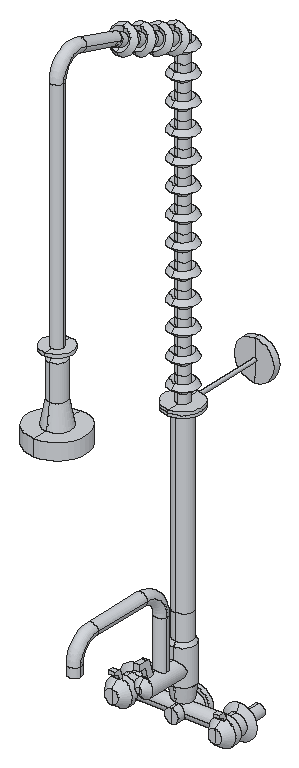
Revit family "FWS131", category Modelos genéricos, Revit 2014
Parameters
  Modelo = "FWS131"  # constant formula
  Fabricante = "Enware"  # constant formula
  Author = "Yepsketch"  # constant formula
Reference planes
  plane 1 "Centro (Frontal/Posterior)": y = 0
  plane 2: z = 0
  plane 3 "Centro (Izquierda/Derecha)": x = 0
  plane 4: y = -155
  plane 5: y = -410
  plane 6: y = -155
Forms (mm)
  Revolve 1, solid
    sketch origin (0, 0, 0) x (0, 1, 0) y (0, 0, 1)
      loop
        line (-155, 0) -> (-155, -4.258) -> (-125, -4.258) -> (-125, 0) -> (-125, 5) -> (-155, 5) -> (-155, 0)
      axis (-155, 5) -> (-155, -4.258)
    angle from 0 to 360
  Revolve 2, solid
    sketch origin (0, 0, 0) x (0, 1, 0) y (0, 0, 1)
      loop
        line (0, 0) -> (0, 32.5) -> (-10, 32.5) -> (-10, 3.156) -> (-125, 3.156) -> (-125, 0) -> (0, 0)
      axis (0, 0) -> (-125, 0)
    angle from 0 to 360
  Revolve 3, solid
    sketch origin (0, 0, 15) x (0, 1, 0) y (0, 0, 1)
      loop
        line (-139.749, -311.946) -> (-139.749, -20) -> (-155, -20) -> (-155, -442.145) -> (-140, -442.145) -> (-135.659, -417.524) -> (-135.659, -359.888) -> (-139.749, -352.804) -> (-139.749, -311.946)
      axis (-155, -20) -> (-155, -442.145)
    angle from 0 to 360
  Sweep 4, solid
    path origin (0, 0, 0) x (0, 1, 0) y (0, 0, 1)
      loop
        line (-410, 197.5) -> (-410, 580.792)
        arc (-410, 580.792) -> (-395.758, 608.972) -> (-364.623, 614.219) r 35
        line (-364.623, 614.219) -> (-293.098, 592.015)
    profile origin (0, -410, 389.146) x (0, -1, 0) y (1, 0, 0)
      loop
        circle (0, 0) r 10
  Revolve 5, solid
    sketch origin (0, 0, 0) x (0, 1, 0) y (0, 0, 1)
      loop
        line (-155, 5) -> (-145, 5) -> (-145, 20) -> (-132.713, 28.604) -> (-138.448, 36.795) -> (-145, 32.208) -> (-145, 46.152) -> (-145, 61.152) -> (-132.713, 69.755) -> (-138.448, 77.947) -> (-145, 73.359) -> (-145, 87.303) -> (-145, 102.303) -> (-132.713, 110.907) -> (-138.448, 119.099) -> (-145, 114.511) -> (-145, 128.455) -> (-145, 143.455) -> (-132.713, 152.059) -> (-138.448, 160.25) -> (-145, 155.663) -> (-145, 169.607) -> (-145, 184.607) -> (-132.713, 193.21) -> (-138.448, 201.402) -> (-145, 196.815) -> (-145, 210.759) -> (-145, 225.759) -> (-132.713, 234.362) -> (-138.448, 242.554) -> (-145, 237.966) -> (-145, 251.91) -> (-145, 266.91) -> (-132.713, 275.514) -> (-138.448, 283.705) -> (-145, 279.118) -> (-145, 293.062) -> (-145, 308.062) -> (-132.713, 316.666) -> (-138.448, 324.857) -> (-145, 320.27) -> (-145, 334.214) -> (-145, 349.214) -> (-132.713, 357.817) -> (-138.448, 366.009) -> (-145, 361.421) -> (-145, 375.365) -> (-145, 390.365) -> (-132.713, 398.969) -> (-138.448, 407.16) -> (-145, 402.573) -> (-145, 416.517) -> (-145, 431.517) -> (-132.713, 440.121) -> (-138.448, 448.312) -> (-145, 443.725) -> (-145, 457.669) -> (-145, 472.669) -> (-132.713, 481.272) -> (-138.448, 489.464) -> (-145, 484.876) -> (-145, 498.82) -> (-145, 513.82) -> (-132.713, 522.424) -> (-138.448, 530.616) -> (-145, 526.028) -> (-145, 539.972) -> (-155, 539.972) -> (-155, 5)
      axis (-155, 539.972) -> (-155, 5)
    angle from 0 to 360
  Revolve 6, solid
    sketch origin (0, 3.753, 53.793) x (0, 1, 0) y (0, 0, 1)
      loop
        line (-155, 476.559) -> (-151.093, 485.764) -> (-164.9, 491.625) -> (-167.505, 506.397) -> (-177.353, 504.66) -> (-175.876, 496.284) -> (-197.118, 505.3) -> (-199.723, 520.072) -> (-209.571, 518.336) -> (-208.094, 509.959) -> (-219.178, 514.664) -> (-232.986, 520.525) -> (-235.59, 535.297) -> (-245.438, 533.561) -> (-243.961, 525.184) -> (-255.046, 529.889) -> (-268.853, 535.75) -> (-271.458, 550.522) -> (-281.306, 548.786) -> (-279.829, 540.409) -> (-290.914, 545.114) -> (-302.007, 549.823) -> (-304.621, 540.069) -> (-155, 476.559)
      axis (-305.914, 540.618) -> (-155, 476.559)
    angle from 0 to 360
  Revolve 7, solid
    sketch origin (0, 0, 57.5) x (0, 1, 0) y (0, 0, 1)
      loop
        line (-410, 140) -> (-410, -1.695) -> (-362.924, -1.695) -> (-362.924, 24.165) -> (-387.924, 24.165) -> (-394.87, 63.557) -> (-394.87, 120.905) -> (-400, 135) -> (-385, 135) -> (-385, 140) -> (-410, 140)
      axis (-410, 140) -> (-410, -1.695)
    angle from 0 to 360
  Revolve 8, solid
    sketch origin (0, -18.75, 20) x (0, 1, 0) y (0, 0, 1)
      loop
        line (-147.368, -398.669) -> (-147.368, -383.669) -> (-215.298, -383.669) -> (-225.331, -393.702) -> (-225.331, -398.669) -> (-147.368, -398.669)
      axis (-147.368, -398.669) -> (-225.331, -398.669)
    angle from 0 to 360
  Revolve 9, solid
    sketch origin (0, -52.977, 12.16) x (0, 1, 0) y (0, 0, 1)
      loop
        line (-72.771, -455.896) -> (-125.295, -455.896) -> (-125.295, -466.937) -> (-109.523, -466.937) -> (-80.618, -475.093) -> (-80.618, -480.896) -> (-72.771, -480.896) -> (-72.771, -455.896)
      axis (-72.771, -455.896) -> (-125.295, -455.896)
    angle from 0 to 360
  Revolve 10, solid
    sketch origin (-87.547, 0, 72.981) x (0, 1, 0) y (0, 0, 1)
      loop
        line (-140, -504.354) -> (-140, -487.037) -> (-147.288, -497.445) -> (-165.381, -497.445) -> (-165.381, -492.445) -> (-175.381, -492.445) -> (-190.284, -502.881) -> (-190.284, -514.098) -> (-140, -514.098) -> (-101.989, -514.098) -> (-101.989, -504.354) -> (-140, -504.354)
      axis (-190.284, -514.098) -> (-101.989, -514.098)
    angle from 0 to 360
  Revolve 11, solid
    sketch origin (80.607, 0, 73.444) x (0, 1, 0) y (0, 0, 1)
      loop
        line (-140, -504.354) -> (-140, -487.037) -> (-147.288, -497.445) -> (-165.381, -497.445) -> (-165.381, -492.445) -> (-175.381, -492.445) -> (-190.284, -502.881) -> (-190.284, -514.098) -> (-140, -514.098) -> (-101.989, -514.098) -> (-101.989, -504.354) -> (-140, -504.354)
      axis (-190.284, -514.098) -> (-101.989, -514.098)
    angle from 0 to 360
  Sweep 12, solid
    path origin (0, 0, 0) x (0, 1, 0) y (0, 0, 1)
      loop
        line (-199.867, -366.702) -> (-199.867, -286.702)
        arc (-199.867, -286.702) -> (-211.583, -258.418) -> (-239.867, -246.702) r 40
        line (-239.867, -246.702) -> (-340, -246.702)
        arc (-340, -246.702) -> (-364.749, -256.954) -> (-375, -281.702) r 35
        line (-375, -281.702) -> (-375, -296.702)
    profile origin (0, -199.867, -326.702) x (0, -1, 0) y (1, 0, 0)
      loop
        circle (-0.144, 0) r 10
  Extrusion 13, solid
    sketch origin (0, 0, 0) x (0, 1, 0) y (0, 0, 1)
      loop
        circle (-155, -441.493) r 11.987
    from -91.672 to 80.797
  Extrusion 14, solid
    sketch origin (-95.105, -1.875, 0.332) x (0, 1, 0) y (0, 0, 1)
      loop
        line (-168.005, -424.127) -> (-175.902, -407.193) -> (-184.825, -407.193) -> (-184.825, -412.18) -> (-178.792, -412.18) -> (-173.221, -424.127) -> (-168.005, -424.127)
    from 0 to 10.105
  Extrusion 15, solid
    sketch origin (74.869, -1.875, -2.635) x (0, 1, 0) y (0, 0, 1)
      loop
        line (-168.005, -424.127) -> (-175.902, -407.193) -> (-184.825, -407.193) -> (-184.825, -412.18) -> (-178.792, -412.18) -> (-173.221, -424.127) -> (-168.005, -424.127)
    from 0 to 10.105
  Extrusion 16, solid
    sketch origin (0, 0, 0) x (0, 1, 0) y (0, 0, 1)
      loop
        line (-228.228, -371.885) -> (-218.595, -369.304) -> (-229.464, -337.737) -> (-232.709, -337.737) -> (-247.709, -337.737) -> (-247.709, -347.737) -> (-234.698, -347.737) -> (-228.228, -371.885)
    from -5.072 to 3.533
Lines and regions (mm)
  symbolic lines
    curve 1: line (0, -520, 628.305) -> (0, -520, -446.695)
    curve 2: line (0, -460, -446.695) -> (0, -460, 58.305)
    curve 3: line (0, -375, -515) -> (0, -155, -515)
    curve 4: line (-73.906, 0, -482.365) -> (76.094, 0, -482.365)
Dimensions and locks
  aligned and locked: level to plane 2
